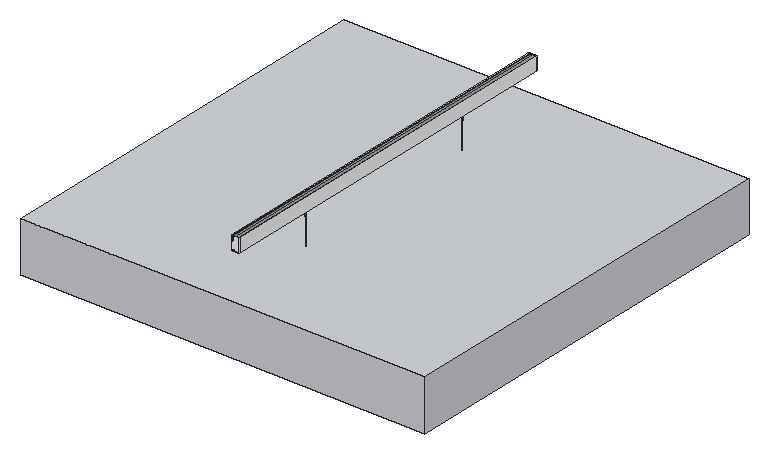
Revit family "LAMP_FIL 45 2240MM OPAL SUSPENDED", category Luminarias, Revit 2018
Family settings
  Anfitrión = Cara
  Cota de conector redondo = Diámetro de uso
  Tipo de pieza = Normal
  Corte con vacíos al cargar = No
  Origen de luz = Sí
  Compartido = No
  Punto de cálculo de habitación = No
Parameters (values of type "5200LM 3000K  BLACK")
  Ángulo de inclinación = -90.00°
  Weight = 4.80 kg
  Wattage = 37 W
  Type = "MID POWER TRIDONIC"
  built-in parameter 1150107 = 3000 (stored number, unit not read)
  Suspension distance [instance] = if(Suspension > 4000 mm, 4000 mm, if(Suspension < 1 mm, 1 mm, Suspension))  # 200 mm
  Suspension [instance] = 200 mm
  built-in parameter 1150110 = 1 (stored number, unit not read)
  built-in parameter 1150109 = 1 (stored number, unit not read)
  built-in parameter 1150112 = 1 (stored number, unit not read)
  built-in parameter 1150113 = 1 (stored number, unit not read)
  built-in parameter 1114218 = 1 (stored number, unit not read)
  Protection rating = "IP20 / IK07"
  Product datasheet = "http://www.lamp.es/product-files/TECH/F41SF224MOOP830NB-EN.pdf"
  Product code = "F41SF224MOOP830NB"
  Product URL = "https://www.lamp.es/en/family/fil-45_413951"
  Power Supply = "220-240V 50/60Hz"
  Power = 31 W
  Plum = 37 W
  Photobiological risk = ""
  NOT COVER 2 [instance] = not(END COVER 2)  # no
  NOT COVER 1 [instance] = not(END COVER 1)  # no
  built-in parameter 1150137 = (empty or 0)
  built-in parameter 1150132 = 2
  Modelo = Product code  # "F41SF224MOOP830NB"
  Model Explanation = ""
  Material suspension = LAMP_Acero genérico
  Material perfil = LAMP_Aluminio Perfil Fil NG
  Material difusor = LAMP_PC Difusor Opal Fil
  Manufacturer name = "LAMP"
  Manufacturer country = "Spain"
  Manufacturer URL = "http://www.lamp.es/en"
  MacAdam = "3"
  Longitud de línea de emisión = 2240 mm
  Last update = "17/03/2021"
  Lamp = "MID-POWER LED"
  LED Lifetime = "70.000 L80 B10"
  built-in parameter 1150105 = 1310.2 (stored number, unit not read)
  built-in parameter 1150102 = (empty or 0)
  Insulation class = "I"
  Installation instructions = "https://www.lamp.es/product-files/INS/1004580-C%20INSTR.%20FIL45.pdf"
  built-in parameter 1150106 = 13.102 (stored number, unit not read)
  IEE = "A+"
  Gear = "Electronic"
  Lumens = 3444.33 lm
  Finish = "Matte black RAL 9011"
  Color Filter = 16777215
  built-in parameter 1114217 = 1 (stored number, unit not read)
  built-in parameter 1150139 = (empty or 0)
  Fabricante = Manufacturer name  # "LAMP"
  Default Elevation = 1219.2 mm
  built-in parameter 1150104 = 8.6483 (stored number, unit not read)
  Efficacy = 93.09 lm/W
  END COVER 2 [instance] = yes
  END COVER 1 [instance] = yes
  Dimensions = "2240x45x80"
  Descripción = "FIL45 SUR 2240 5200 WW OPAL BK."
  built-in parameter 1150115 = 1 (stored number, unit not read)
  built-in parameter 1150114 = 1 (stored number, unit not read)
  built-in parameter 1150138 = (empty or 0)
  built-in parameter 1150134 = 3
  Dimming Lamp Color Temperature Shift = (empty or 0)
  CRI = "80"
  Archivo de red fotométrica = "F41SF224MOOP830NB.IES"
  built-in parameter 1150133 = 10 (stored number, unit not read)
Types (24, lengths in mm): name | Weight | Wattage | built-in parameter 1150107 | Product datasheet | Product code | Power | Plum | Modelo | Material perfil | LED Lifetime | built-in parameter 1150105 | built-in parameter 1150106 | Lumens | Finish | built-in parameter 1150104 | Efficacy | Descripción | Archivo de red fotométrica
  5200LM 3000K DALI BLACK | 5.092 kg | 37 W | 3000 (stored number, unit not read) | "http://www.lamp.es/product-files/TECH/F41SF224MOOP830DB-EN.pdf" | "F41SF224MOOP830DB" | 31 W | 37 W | "F41SF224MOOP830DB" | LAMP_Aluminio Perfil Fil NG | "70.000 L80 B10" | 1310.2 (stored number, unit not read) | 13.102 (stored number, unit not read) | 3444.33 lm | "Matte black RAL 9011" | 8.6483 (stored number, unit not read) | 93.09 lm/W | "FIL45 SUR 2240 5200 WW OPAL DALI BK." | "F41SF224MOOP830nB.IES"
  5200LM 3000K DALI GREY | 5.092 kg | 37 W | 3000 (stored number, unit not read) | "http://www.lamp.es/product-files/TECH/F41SF224MOOP830DG-EN.pdf" | "F41SF224MOOP830DG" | 31 W | 37 W | "F41SF224MOOP830DG" | LAMP_Aluminio Perfil Fil GR | "70.000 L80 B10" | 1310.2 (stored number, unit not read) | 13.102 (stored number, unit not read) | 3444.33 lm | "Gloss grey" | 8.6483 (stored number, unit not read) | 93.09 lm/W | "FIL45 SUR 2240 5200 WW OPAL DALI GR." | "F41SF224MOOP830nG.IES"
  5200LM 3000K DALI WHITE | 5.092 kg | 37 W | 3000 (stored number, unit not read) | "http://www.lamp.es/product-files/TECH/F41SF224MOOP830DW-EN.pdf" | "F41SF224MOOP830DW" | 31 W | 37 W | "F41SF224MOOP830DW" | LAMP_Aluminio Perfil Fil BL | "70.000 L80 B10" | 1310.2 (stored number, unit not read) | 13.102 (stored number, unit not read) | 3444.33 lm | "Matte white RAL 9010" | 8.6483 (stored number, unit not read) | 93.09 lm/W | "FIL45 SUR 2240 5200 WW OPAL DALI WH." | "F41SF224MOOP830nW.IES"
  5200LM 3000K  BLACK | 4.80 kg | 37 W | 3000 (stored number, unit not read) | "http://www.lamp.es/product-files/TECH/F41SF224MOOP830NB-EN.pdf" | "F41SF224MOOP830NB" | 31 W | 37 W | "F41SF224MOOP830NB" | LAMP_Aluminio Perfil Fil NG | "70.000 L80 B10" | 1310.2 (stored number, unit not read) | 13.102 (stored number, unit not read) | 3444.33 lm | "Matte black RAL 9011" | 8.6483 (stored number, unit not read) | 93.09 lm/W | "FIL45 SUR 2240 5200 WW OPAL BK." | "F41SF224MOOP830NB.IES"
  5200LM 3000K  GREY | 4.80 kg | 37 W | 3000 (stored number, unit not read) | "http://www.lamp.es/product-files/TECH/F41SF224MOOP830NG-EN.pdf" | "F41SF224MOOP830NG" | 31 W | 37 W | "F41SF224MOOP830NG" | LAMP_Aluminio Perfil Fil GR | "70.000 L80 B10" | 1310.2 (stored number, unit not read) | 13.102 (stored number, unit not read) | 3444.33 lm | "Gloss grey" | 8.6483 (stored number, unit not read) | 93.09 lm/W | "FIL45 SUR 2240 5200 WW OPAL GR." | "F41SF224MOOP830NG.IES"
  5200LM 3000K  WHITE | 4.80 kg | 37 W | 3000 (stored number, unit not read) | "http://www.lamp.es/product-files/TECH/F41SF224MOOP830NW-EN.pdf" | "F41SF224MOOP830NW" | 31 W | 37 W | "F41SF224MOOP830NW" | LAMP_Aluminio Perfil Fil BL | "70.000 L80 B10" | 1310.2 (stored number, unit not read) | 13.102 (stored number, unit not read) | 3444.33 lm | "Matte white RAL 9010" | 8.6483 (stored number, unit not read) | 93.09 lm/W | "FIL45 SUR 2240 5200 WW OPAL WH." | "F41SF224MOOP830NW.IES"
  5200LM 4000K DALI BLACK | 5.092 kg | 37 W | 4000 (stored number, unit not read) | "http://www.lamp.es/product-files/TECH/F41SF224MOOP840DB-EN.pdf" | "F41SF224MOOP840DB" | 31 W | 37 W | "F41SF224MOOP840DB" | LAMP_Aluminio Perfil Fil NG | "70.000 L80 B10" | 1373.6 (stored number, unit not read) | 13.736 (stored number, unit not read) | 3610.83 lm | "Matte black RAL 9011" | 9.0664 (stored number, unit not read) | 97.59 lm/W | "FIL45 SUR 2240 5200 NW OPAL DALI BK." | "F41SF224MOOP840nB.IES"
  5200LM 4000K DALI GREY | 5.092 kg | 37 W | 4000 (stored number, unit not read) | "http://www.lamp.es/product-files/TECH/F41SF224MOOP840DG-EN.pdf" | "F41SF224MOOP840DG" | 31 W | 37 W | "F41SF224MOOP840DG" | LAMP_Aluminio Perfil Fil GR | "70.000 L80 B10" | 1373.6 (stored number, unit not read) | 13.736 (stored number, unit not read) | 3610.83 lm | "Gloss grey" | 9.0664 (stored number, unit not read) | 97.59 lm/W | "FIL45 SUR 2240 5200 NW OPAL DALI GR." | "F41SF224MOOP840nG.IES"
  5200LM 4000K DALI WHITE | 5.092 kg | 37 W | 4000 (stored number, unit not read) | "http://www.lamp.es/product-files/TECH/F41SF224MOOP840DW-EN.pdf" | "F41SF224MOOP840DW" | 31 W | 37 W | "F41SF224MOOP840DW" | LAMP_Aluminio Perfil Fil BL | "70.000 L80 B10" | 1373.6 (stored number, unit not read) | 13.736 (stored number, unit not read) | 3610.83 lm | "Matte white RAL 9010" | 9.0664 (stored number, unit not read) | 97.59 lm/W | "FIL45 SUR 2240 5200 NW OPAL DALI WH." | "F41SF224MOOP840nW.IES"
  5200LM 4000K  BLACK | 4.80 kg | 37 W | 4000 (stored number, unit not read) | "http://www.lamp.es/product-files/TECH/F41SF224MOOP840NB-EN.pdf" | "F41SF224MOOP840NB" | 31 W | 37 W | "F41SF224MOOP840NB" | LAMP_Aluminio Perfil Fil NG | "70.000 L80 B10" | 1373.6 (stored number, unit not read) | 13.736 (stored number, unit not read) | 3610.83 lm | "Matte black RAL 9011" | 9.0664 (stored number, unit not read) | 97.59 lm/W | "FIL45 SUR 2240 5200 NW OPAL BK." | "F41SF224MOOP840NB.IES"
  5200LM 4000K  GREY | 4.80 kg | 37 W | 4000 (stored number, unit not read) | "http://www.lamp.es/product-files/TECH/F41SF224MOOP840NG-EN.pdf" | "F41SF224MOOP840NG" | 31 W | 37 W | "F41SF224MOOP840NG" | LAMP_Aluminio Perfil Fil GR | "70.000 L80 B10" | 1373.6 (stored number, unit not read) | 13.736 (stored number, unit not read) | 3610.83 lm | "Gloss grey" | 9.0664 (stored number, unit not read) | 97.59 lm/W | "FIL45 SUR 2240 5200 NW OPAL GR." | "F41SF224MOOP840NG.IES"
  5200LM 4000K  WHITE | 4.80 kg | 37 W | 4000 (stored number, unit not read) | "http://www.lamp.es/product-files/TECH/F41SF224MOOP840NW-EN.pdf" | "F41SF224MOOP840NW" | 31 W | 37 W | "F41SF224MOOP840NW" | LAMP_Aluminio Perfil Fil BL | "70.000 L80 B10" | 1373.6 (stored number, unit not read) | 13.736 (stored number, unit not read) | 3610.83 lm | "Matte white RAL 9010" | 9.0664 (stored number, unit not read) | 97.59 lm/W | "FIL45 SUR 2240 5200 NW OPAL WH." | "F41SF224MOOP840NW.IES"
  12400LM 3000K DALI BLACK | 5.122 kg | 80.6 W | 3000 (stored number, unit not read) | "http://www.lamp.es/product-files/TECH/F41SF224HOOP830DB-EN.pdf" | "F41SF224HOOP830DB" | 72 W | 80.6 W | "F41SF224HOOP830DB" | LAMP_Aluminio Perfil Fil NG | "72.000 L80 B10" | 2836.1 (stored number, unit not read) | 28.361 (stored number, unit not read) | 7455.5 lm | "Matte black RAL 9011" | 8.5935 (stored number, unit not read) | 92.5 lm/W | "FIL45 SUR 2240 12400 WW OPAL DALI BK." | "F41SF224HOOP830nB.IES"
  12400LM 3000K DALI GREY | 5.122 kg | 80.6 W | 3000 (stored number, unit not read) | "http://www.lamp.es/product-files/TECH/F41SF224HOOP830DG-EN.pdf" | "F41SF224HOOP830DG" | 72 W | 80.6 W | "F41SF224HOOP830DG" | LAMP_Aluminio Perfil Fil GR | "72.000 L80 B10" | 2836.1 (stored number, unit not read) | 28.361 (stored number, unit not read) | 7455.5 lm | "Gloss grey" | 8.5935 (stored number, unit not read) | 92.5 lm/W | "FIL45 SUR 2240 12400 WW OPAL DALI GR." | "F41SF224HOOP830nG.IES"
  12400LM 3000K DALI WHITE | 5.122 kg | 27.8 W | 3000 (stored number, unit not read) | "http://www.lamp.es/product-files/TECH/F41SF224HOOP830DW-EN.pdf" | "F41SF224HOOP830DW" | 72 W | 80.6 W | "F41SF224HOOP830DW" | LAMP_Aluminio Perfil Fil BL | "72.000 L80 B10" | 1146.4 (stored number, unit not read) | 11.464 (stored number, unit not read) | 3013.8 lm | "Matte white RAL 9010" | 10.072 (stored number, unit not read) | 92.5 lm/W | "FIL45 SUR 2240 12400 WW OPAL DALI WH." | "F41SF196MOOP830NB.IES"
  12400LM 3000K  BLACK | 4.90 kg | 80.6 W | 3000 (stored number, unit not read) | "http://www.lamp.es/product-files/TECH/F41SF224HOOP830NB-EN.pdf" | "F41SF224HOOP830NB" | 72 W | 80.6 W | "F41SF224HOOP830NB" | LAMP_Aluminio Perfil Fil NG | "72.000 L80 B10" | 2836.1 (stored number, unit not read) | 28.361 (stored number, unit not read) | 7455.5 lm | "Matte black RAL 9011" | 8.5935 (stored number, unit not read) | 92.5 lm/W | "FIL45 SUR 2240 12400 WW OPAL BK." | "F41SF224HOOP830NB.IES"
  12400LM 3000K  GREY | 4.90 kg | 80.6 W | 3000 (stored number, unit not read) | "http://www.lamp.es/product-files/TECH/F41SF224HOOP830NG-EN.pdf" | "F41SF224HOOP830NG" | 72 W | 80.6 W | "F41SF224HOOP830NG" | LAMP_Aluminio Perfil Fil GR | "72.000 L80 B10" | 2836.1 (stored number, unit not read) | 28.361 (stored number, unit not read) | 7455.5 lm | "Gloss grey" | 8.5935 (stored number, unit not read) | 92.5 lm/W | "FIL45 SUR 2240 12400 WW OPAL GR." | "F41SF224HOOP830NG.IES"
  12400LM 3000K  WHITE | 4.90 kg | 80.6 W | 3000 (stored number, unit not read) | "http://www.lamp.es/product-files/TECH/F41SF224HOOP830NW-EN.pdf" | "F41SF224HOOP830NW" | 72 W | 80.6 W | "F41SF224HOOP830NW" | LAMP_Aluminio Perfil Fil BL | "72.000 L80 B10" | 2836.1 (stored number, unit not read) | 28.361 (stored number, unit not read) | 7455.5 lm | "Matte white RAL 9010" | 8.5935 (stored number, unit not read) | 92.5 lm/W | "FIL45 SUR 2240 12400 WW OPAL WH." | "F41SF224HOOP830NW.IES"
  12400LM 4000K DALI BLACK | 5.122 kg | 80.6 W | 4000 (stored number, unit not read) | "http://www.lamp.es/product-files/TECH/F41SF224HOOP840DB-EN.pdf" | "F41SF224HOOP840DB" | 72 W | 80.6 W | "F41SF224HOOP840DB" | LAMP_Aluminio Perfil Fil NG | "72.000 L80 B10" | 2836.1 (stored number, unit not read) | 28.361 (stored number, unit not read) | 7455.5 lm | "Matte black RAL 9011" | 8.5935 (stored number, unit not read) | 92.5 lm/W | "45 SUR 2240 12400 NW OPAL DALI BK." | "F41SF224HOOP840nB.IES"
  12400LM 4000K DALI GREY | 5.122 kg | 27.8 W | 4000 (stored number, unit not read) | "http://www.lamp.es/product-files/TECH/F41SF224HOOP840DG-EN.pdf" | "F41SF224HOOP840DG" | 72 W | 80.6 W | "F41SF224HOOP840DG" | LAMP_Aluminio Perfil Fil GR | "72.000 L80 B10" | 1146.4 (stored number, unit not read) | 11.464 (stored number, unit not read) | 3013.8 lm | "Gloss grey" | 10.072 (stored number, unit not read) | 92.5 lm/W | "FIL45 SUR 2240 12400 NW OPAL DALI GR." | "F41SF224HOOP840nG.IES"
  12400LM 4000K DALI WHITE | 5.122 kg | 80.6 W | 4000 (stored number, unit not read) | "http://www.lamp.es/product-files/TECH/F41SF224HOOP840DW-EN.pdf" | "F41SF224HOOP840DW" | 72 W | 80.6 W | "F41SF224HOOP840DW" | LAMP_Aluminio Perfil Fil BL | "72.000 L80 B10" | 2836.1 (stored number, unit not read) | 28.361 (stored number, unit not read) | 7455.5 lm | "Matte white RAL 9010" | 8.5935 (stored number, unit not read) | 92.5 lm/W | "FIL45 SUR 2240 12400 NW OPAL DALI WH." | "F41SF224HOOP840nW.IES"
  12400LM 4000K  BLACK | 4.90 kg | 80.6 W | 4000 (stored number, unit not read) | "http://www.lamp.es/product-files/TECH/F41SF224HOOP840NB-EN.pdf" | "F41SF224HOOP840NB" | 72 W | 80.6 W | "F41SF224HOOP840NB" | LAMP_Aluminio Perfil Fil NG | "72.000 L80 B10" | 2836.1 (stored number, unit not read) | 28.361 (stored number, unit not read) | 7455.5 lm | "Matte black RAL 9011" | 8.5935 (stored number, unit not read) | 92.5 lm/W | "FIL45 SUR 2240 12400 NW OPAL BK." | "F41SF224HOOP840NB.IES"
  12400LM 4000K  GREY | 4.90 kg | 80.6 W | 4000 (stored number, unit not read) | "http://www.lamp.es/product-files/TECH/F41SF224HOOP840NG-EN.pdf" | "F41SF224HOOP840NG" | 72 W | 80.6 W | "F41SF224HOOP840NG" | LAMP_Aluminio Perfil Fil GR | "72.000 L80 B10" | 2836.1 (stored number, unit not read) | 28.361 (stored number, unit not read) | 7455.5 lm | "Gloss grey" | 8.5935 (stored number, unit not read) | 92.5 lm/W | "FIL45 SUR 2240 12400 NW OPAL GR." | "F41SF224HOOP840NG.IES"
  12400LM 4000K  WHITE | 4.90 kg | 27.8 W | 4000 (stored number, unit not read) | "http://www.lamp.es/product-files/TECH/F41SF224HOOP840NW-EN.pdf" | "F41SF224HOOP840NW" | 72 W | 80.6 W | "F41SF224HOOP840NW" | LAMP_Aluminio Perfil Fil BL | "72.000 L80 B10" | 1146.4 (stored number, unit not read) | 11.464 (stored number, unit not read) | 3013.8 lm | "Matte white RAL 9010" | 10.072 (stored number, unit not read) | 92.5 lm/W | "FIL45 SUR 2240 12400 NW OPAL WH." | "F41SF224HOOP840NW.IES"
Reference planes
  plane 1 "Centro (Frontal/Posterior)": y = 0
  plane 2: z = 0
  plane 3 "Centro (Izquierda/Derecha)": x = 0
Forms (mm)
  Extrusion 1, solid
    sketch origin (0, 0, 0) x (1, 0, 0) y (0, 1, 0)
      loop
        line (-1219.2, 1219.2) -> (-1219.2, -1219.2) -> (1219.2, -1219.2) -> (1219.2, 1219.2) -> (-1219.2, 1219.2)
    from 0 to -304.8
  Extrusion 2, solid, material "LAMP_Aluminio Perfil Fil NG" <- "Material perfil"
    sketch origin (0, 0, 0) x (1, 0, 0) y (0, 0, 1)
      loop
        arc (22.5, 285.7) -> (21.5, 286.7) -> (20.5, 285.7) r 1
        line (20.5, 285.7) -> (20.5, 284.2) -> (17.8, 284.2) -> (17.8, 259) -> (0, 259) -> (-17.8, 259) -> (-17.8, 284.2) -> (-20.5, 284.2) -> (-20.5, 285.7)
        arc (-20.5, 285.7) -> (-21.5, 286.7) -> (-22.5, 285.7) r 1
        line (-22.5, 285.7) -> (-22.5, 206.5) -> (-20.7, 206.5) -> (-20.7, 210) -> (-12.5, 210) -> (-12.5, 208) -> (-14.8, 208) -> (-14.5, 206.5) -> (-11, 206.5) -> (-11, 214.5) -> (0, 214.5) -> (11, 214.5) -> (11, 206.5) -> (14.5, 206.5) -> (14.8, 208) -> (12.5, 208) -> (12.5, 210) -> (20.7, 210) -> (20.7, 206.5) -> (22.5, 206.5) -> (22.5, 285.7)
    from -1120 to 1120
  Extrusion 3, solid, material "LAMP_Acero genérico" <- "Material suspension"
    sketch origin (0, 0, 0) x (1, 0, 0) y (0, 0, 1)
      loop
        line (-12.5, 201) -> (-15.291, 208.272) -> (-12.823, 210) -> (-13.823, 210) -> (-16.291, 208.272) -> (-13.116, 200) -> (0, 200) -> (13.116, 200) -> (16.291, 208.272) -> (13.823, 210) -> (12.823, 210) -> (15.291, 208.272) -> (12.5, 201) -> (0, 201) -> (-12.5, 201)
    from -600 to -578
  Extrusion 4, solid, material "LAMP_Acero genérico" <- "Material suspension"
    sketch origin (0, -224, 0) x (1, 0, 0) y (0, 1, 0)
      loop
        circle (0, -365) r 5
    from 163.2 to 200
  Extrusion 5, solid, material "LAMP_Acero genérico" <- "Material suspension"
    sketch origin (0, 224, 0) x (1, 0, 0) y (0, 1, 0)
      loop
        circle (0, 365) r 5
    from 163.2 to 200
  Extrusion 6, solid, material "LAMP_Acero genérico" <- "Material suspension"
    sketch origin (0, -200, 0) x (1, 0, 0) y (0, 1, 0)
      loop
        circle (0, -389) r 1
    from 0 to 163.2
  Extrusion 7, solid, material "LAMP_Acero genérico" <- "Material suspension"
    sketch origin (0, 200, 0) x (1, 0, 0) y (0, 1, 0)
      loop
        circle (0, 389) r 1
    from 0 to 163.2
  Extrusion 8, solid, material "LAMP_PC Difusor Opal Fil" <- "Material difusor"
    sketch origin (0, 0, 0) x (1, 0, 0) y (0, 0, 1)
      loop
        line (-20.5, 284.2) -> (0, 284.2) -> (20.5, 284.2) -> (20.5, 286.7) -> (0, 286.7) -> (-20.5, 286.7) -> (-20.5, 284.2)
    from -1120 to 1120
  Extrusion 9, solid, material "LAMP_Acero genérico" <- "Material suspension"
    sketch origin (0, -200, 0) x (1, 0, 0) y (0, 0, -1)
      loop
        line (-12.5, -201) -> (0, -201) -> (12.5, -201) -> (15.291, -208.272) -> (12.823, -210) -> (13.823, -210) -> (16.291, -208.272) -> (13.116, -200) -> (0, -200) -> (-13.116, -200) -> (-16.291, -208.272) -> (-13.823, -210) -> (-12.823, -210) -> (-15.291, -208.272) -> (-12.5, -201)
    from -400 to -378
  Extrusion 10, solid, material "LAMP_PC Difusor Opal Fil" <- "Material difusor"
    sketch origin (0, 0, 0) x (1, 0, 0) y (0, 0, 1)
      loop
        line (-11, 214.5) -> (-11, 206.5) -> (-7.529, 206.5) -> (11, 206.5) -> (11, 214.5) -> (10, 214.5) -> (10, 207.5) -> (-10, 207.5) -> (-10, 214.5) -> (-11, 214.5)
    from -1120 to 1120
Lines and regions (mm)
  reference lines
    curve 1: line (0, -445.47, 200) -> (0, 544.53, 200)
Text (mm)
  text "Any modification of the parameters and properties of the LAMP BIM models must be executed and validated by the LAMP technical department.\nPhone: +34 93 736 68 00\nE-mail: lamp@lamp.es\n\nLAMP reserves the right to modify the technical specifications of its products." at (3253.583, 5266.066, -2780.51), in view "Preview"
Dimensions and locks
  "Suspension distance": level to curve 1
  locked: Extrusion 4 to Extrusion 4 at 36.8
  locked: Extrusion 5 to Extrusion 5 at 36.8
  aligned and locked: plane 2 to Extrusion 1
  aligned and locked: level to Extrusion 1
  aligned and locked: Extrusion 8 to Extrusion 2  (x2)
  aligned and locked: Extrusion 9 to curve 1
  aligned and locked: curve 1 to Extrusion 3
  aligned and locked: curve 1 to Extrusion 4
  aligned and locked: Extrusion 5 to curve 1
  aligned and locked: Extrusion 6 to Extrusion 4
  aligned and locked: Extrusion 7 to Extrusion 5
  aligned and locked: Extrusion 2 to Extrusion 9  (x2)
  aligned and locked: Extrusion 10 to Extrusion 2
  aligned and locked: nested 1 to Extrusion 2  (x2)
  aligned and locked: nested 2 to Extrusion 2
  aligned and locked: Extrusion 8 to imposter light
Automatic sketch dimensions
  Extrusion 1 sketch curve to Extrusion 1 sketch curve = 2438.4 mm  (x2)
  Extrusion 3 sketch curve to plane 3 "Centro (Izquierda/Derecha)" = 0 mm  (x2)
  Extrusion 3 sketch curve to Extrusion 3 sketch curve = 12.5 mm
  Extrusion 3 sketch curve to Extrusion 3 sketch curve = 0.323 mm  (x2)
  Extrusion 3 sketch curve to Extrusion 3 sketch curve = 0.616 mm  (x2)
  Extrusion 3 sketch curve to Extrusion 3 sketch curve = 1 mm  (x5)
  Extrusion 3 sketch curve to Extrusion 3 sketch curve = 1.468 mm  (x2)
  plane 3 "Centro (Izquierda/Derecha)" to Extrusion 3 sketch curve = 12.5 mm
  level to Extrusion 3 sketch curve = 200 mm
  Extrusion 3 sketch curve to Extrusion 3 sketch curve = 7.272 mm  (x2)
  Extrusion 3 sketch curve to Extrusion 3 sketch curve = 0 mm  (x2)
  Extrusion 3 sketch curve to Extrusion 3 sketch curve = 1.728 mm  (x2)
  Extrusion 4 sketch curve to plane 3 "Centro (Izquierda/Derecha)" = 0 mm
  plane 1 "Centro (Frontal/Posterior)" to Extrusion 4 sketch curve = 589 mm
  Extrusion 5 sketch curve to plane 3 "Centro (Izquierda/Derecha)" = 0 mm
  plane 1 "Centro (Frontal/Posterior)" to Extrusion 5 sketch curve = 589 mm
  Extrusion 6 sketch curve to plane 3 "Centro (Izquierda/Derecha)" = 0 mm
  plane 1 "Centro (Frontal/Posterior)" to Extrusion 6 sketch curve = 589 mm
  Extrusion 7 sketch curve to plane 3 "Centro (Izquierda/Derecha)" = 0 mm
  plane 1 "Centro (Frontal/Posterior)" to Extrusion 7 sketch curve = 589 mm
  Extrusion 2 sketch curve to plane 3 "Centro (Izquierda/Derecha)" = 0 mm  (x2)
  Extrusion 2 sketch curve to plane 3 "Centro (Izquierda/Derecha)" = 11 mm
  Extrusion 2 sketch curve to Extrusion 2 sketch curve = 1.5 mm  (x6)
  Extrusion 2 sketch curve to Extrusion 2 sketch curve = 2 mm  (x2)
  Extrusion 2 sketch curve to Extrusion 2 sketch curve = 0.3 mm  (x2)
  Extrusion 2 sketch curve to Extrusion 2 sketch curve = 17.8 mm
  Extrusion 2 sketch curve to Extrusion 2 sketch curve = 2.7 mm  (x2)
  Extrusion 2 sketch curve to Extrusion 2 sketch curve = 5.9 mm  (x2)
  Extrusion 2 sketch curve to Extrusion 2 sketch curve = 1 mm  (x2)
  plane 3 "Centro (Izquierda/Derecha)" to Extrusion 2 sketch curve = 11 mm
  plane 3 "Centro (Izquierda/Derecha)" to Extrusion 2 sketch curve = 17.8 mm
  level to Extrusion 2 sketch curve = 206.5 mm
  Extrusion 2 sketch curve to Extrusion 2 sketch curve = 0 mm  (x3)
  Extrusion 2 sketch curve to Extrusion 2 sketch curve = 3.5 mm  (x2)
  Extrusion 2 sketch curve to Extrusion 2 sketch curve = 4.5 mm
  Extrusion 2 sketch curve to Extrusion 2 sketch curve = 44.5 mm
  Extrusion 2 sketch curve to Extrusion 2 sketch curve = 25.2 mm  (x2)
  Extrusion 8 sketch curve to plane 3 "Centro (Izquierda/Derecha)" = 0 mm  (x2)
  Extrusion 8 sketch curve to Extrusion 8 sketch curve = 20.5 mm
  plane 3 "Centro (Izquierda/Derecha)" to Extrusion 8 sketch curve = 20.5 mm
  level to Extrusion 8 sketch curve = 284.2 mm
  Extrusion 8 sketch curve to Extrusion 8 sketch curve = 2.5 mm
  Extrusion 9 sketch curve to plane 3 "Centro (Izquierda/Derecha)" = 0 mm  (x2)
  Extrusion 9 sketch curve to Extrusion 9 sketch curve = 12.5 mm
  Extrusion 9 sketch curve to Extrusion 9 sketch curve = 0.323 mm  (x2)
  Extrusion 9 sketch curve to Extrusion 9 sketch curve = 0.616 mm  (x2)
  Extrusion 9 sketch curve to Extrusion 9 sketch curve = 1 mm  (x5)
  Extrusion 9 sketch curve to Extrusion 9 sketch curve = 1.468 mm  (x2)
  plane 3 "Centro (Izquierda/Derecha)" to Extrusion 9 sketch curve = 12.5 mm
  level to Extrusion 9 sketch curve = 210 mm
  Extrusion 9 sketch curve to Extrusion 9 sketch curve = 0 mm  (x3)
  Extrusion 9 sketch curve to Extrusion 9 sketch curve = 1.728 mm  (x2)
  Extrusion 9 sketch curve to Extrusion 9 sketch curve = 7.272 mm
  Extrusion 10 sketch curve to plane 3 "Centro (Izquierda/Derecha)" = 11 mm
  Extrusion 10 sketch curve to Extrusion 10 sketch curve = 1 mm  (x3)
  Extrusion 10 sketch curve to Extrusion 10 sketch curve = 2.471 mm
  plane 3 "Centro (Izquierda/Derecha)" to Extrusion 10 sketch curve = 10 mm
  level to Extrusion 10 sketch curve = 206.5 mm
  Extrusion 10 sketch curve to Extrusion 10 sketch curve = 7 mm  (x2)
  plane 1 "Centro (Frontal/Posterior)" to curve 1 = 445.47 mm
  curve 1 to plane 1 "Centro (Frontal/Posterior)" = 544.53 mm
  radius of Extrusion 4 sketch curve = 5 mm
  radius of Extrusion 5 sketch curve = 5 mm
  radius of Extrusion 6 sketch curve = 1 mm
  radius of Extrusion 7 sketch curve = 1 mm
Nested families
  nested 1: "LAMP_FIL 45 END COVER SURFACE" at (0, -1121, 206.5), visible <- "END COVER 1", type "LAMP_FIL 45 END COVER SURFACE"
  nested 2: "LAMP_FIL 45 END COVER SURFACE" at (0, 1121, 206.5), visible <- "END COVER 2", type "LAMP_FIL 45 END COVER SURFACE"
Connectors
  electrical at (0, 589, 200)
    settings: on Extrusion 5, index 1, voltage 230 V, apparent load 0 VA, apparent load phase1 0 VA, apparent load phase2 0 VA, apparent load phase3 0 VA, power factor 1, load classification "Otro", number of poles 1, system type 31, power factor state 1, is connector primary yes, connector utility no, sub classification motor no, connector description ""
Definition of nested family "LAMP_FIL 45 END COVER SURFACE"
  Parameters (values of type "Blanco")
    Material tapa = none
  Reference planes
    plane 1 "Centro (Frontal/Posterior)": y = 0
    plane 2: z = 0
    plane 3 "Centro (Izquierda/Derecha)": x = 0
  Forms (mm)
    Extrusion 1, solid, material <- "Material tapa"
      sketch origin (0, 0, 0) x (0, -1, 0) y (0, 0, 1)
        loop
          line (0, 0) -> (1, 0) -> (1, 80) -> (-1, 80) -> (-1, 0) -> (0, 0)
      from -22.5 to 22.5
  Dimensions and locks
    aligned and locked: level to plane 2
